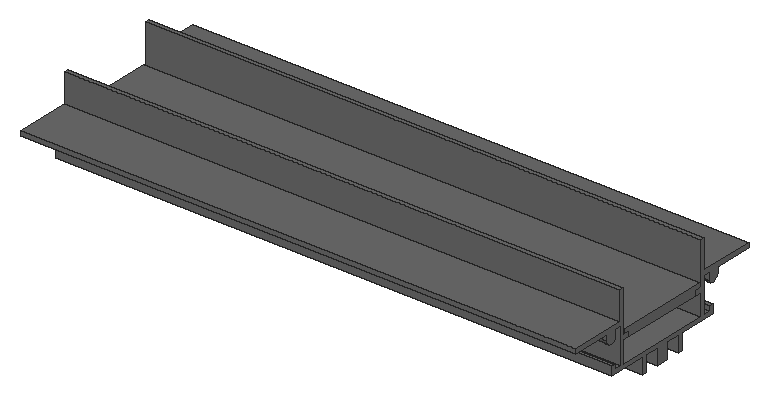
Revit family "ARKOSLIGHT_Black Foster GAP", category Lighting Fixtures, host Face, Revit 2019
Family settings
  Host = Face
  Round Connector Dimension = Use Diameter
  Part Type = Normal
  Cut with Voids When Loaded = No
  Light Source = No
  Shared = No
  Room Calculation Point = No
Parameters (values of type "A3170001N - BLACK FOSTER GAP 250 N")
  URL = "https://www.arkoslight.com/en/product/accbfoster-es/"
  Model = ARKOSLIGHT_Model  # "ACCESSORIES"
  Manufacturer = "ARKOSLIGHT"  # constant formula
  Length = 250 mm
  ARKOSLIGHT_Series = "BLACK FOSTER ACCESSORIES"  # constant formula
  ARKOSLIGHT_Reference = "A3170001N"
  ARKOSLIGHT_Model = "ACCESSORIES"  # constant formula
  ARKOSLIGHT_Color = "Black"
  ARKOSLIGHT_Fixture Type = "ACCESSORIES"  # constant formula
  Default Elevation = 0 mm
  Apparent Load = 4.2 VA
Types (4, lengths in mm): name | Length | ARKOSLIGHT_Reference
  A3170001N - BLACK FOSTER GAP 250 N | 250 | "A3170001N"
  A3170002N - BLACK FOSTER GAP 500 N | 500 | "A3170002N"
  A3170003N - BLACK FOSTER GAP 1000 N | 1000 | "A3170003N"
  A3170004N - BLACK FOSTER GAP 2000 N | 2000 | "A3170004N"
Reference planes
  plane 1 "Center (Front/Back)": y = 0
  plane 2: z = 0
  plane 3 "Center (Left/Right)": x = 0
  plane 4: x = 125
  plane 5: x = -125
  plane 6: y = 22
  plane 7: y = -22
  plane 8: z = 0.3
  plane 9: y = 48.5
  plane 10: y = -48.5
  plane 11: z = -17.475
Forms (mm)
  Extrusion 1, void
    sketch origin (0, 0, 0) x (1, 0, 0) y (0, 1, 0)
      loop
        line (-125, 23.6) -> (-125, -23.632) -> (125, -23.632) -> (125, 23.6) -> (-125, 23.6)
    from 0 to -50
  Extrusion 2, solid, material "ARKOSLIGHT_Black"
    sketch origin (-125, -221.408, 1219.2) x (0, -1, 0) y (0, 0, -1)
      loop
        line (-249.783, 1251.598) -> (-249.783, 1247.709) -> (-248.283, 1247.709) -> (-248.283, 1249.698) -> (-244.783, 1249.698) -> (-244.783, 1233.902) -> (-248.282, 1233.902) -> (-248.282, 1237.742)
        arc (-248.282, 1237.742) -> (-248.397, 1238.154) -> (-248.708, 1238.449) r 0.8
        arc (-248.708, 1238.449) -> (-251.261, 1238.404) -> (-252.583, 1236.219) r 2.64
        line (-252.583, 1236.219) -> (-252.583, 1233.902) -> (-269.908, 1233.902) -> (-269.908, 1231.905) -> (-245.04, 1231.905) -> (-245.04, 1218.9) -> (-243.408, 1218.9) -> (-243.408, 1238.044) -> (-240.423, 1238.044) -> (-240.423, 1240.148) -> (-243.408, 1240.148) -> (-243.408, 1250.098) -> (-199.408, 1250.098) -> (-199.408, 1240.148) -> (-202.392, 1240.148) -> (-202.392, 1238.044) -> (-199.408, 1238.044) -> (-199.408, 1218.9) -> (-197.775, 1218.9) -> (-197.775, 1231.905) -> (-172.908, 1231.905) -> (-172.908, 1233.902) -> (-190.233, 1233.902) -> (-190.233, 1236.219)
        arc (-190.233, 1236.219) -> (-191.554, 1238.404) -> (-194.107, 1238.449) r 2.64
        arc (-194.107, 1238.449) -> (-194.418, 1238.154) -> (-194.533, 1237.742) r 0.8
        line (-194.533, 1237.742) -> (-194.533, 1233.902) -> (-198.033, 1233.902) -> (-198.033, 1249.698) -> (-194.533, 1249.698) -> (-194.533, 1247.709) -> (-193.033, 1247.709) -> (-193.033, 1251.598) -> (-210.733, 1251.598) -> (-210.733, 1258.89) -> (-212.233, 1258.89) -> (-212.233, 1251.598) -> (-218.783, 1251.598) -> (-218.783, 1258.89) -> (-224.283, 1258.89) -> (-224.283, 1251.598) -> (-230.833, 1251.598) -> (-230.833, 1258.89) -> (-232.333, 1258.89) -> (-232.333, 1251.598) -> (-249.783, 1251.598)
    from 0 to 250
  Extrusion 3, solid, material "ARKOSLIGHT_Textured black"
    sketch origin (-125, -221.408, 1219.2) x (0, -1, 0) y (0, 0, -1)
      loop
        line (-200.258, 1235.94) -> (-200.258, 1238.044) -> (-202.392, 1238.044) -> (-202.392, 1240.148) -> (-240.423, 1240.148) -> (-240.423, 1238.044) -> (-242.557, 1238.044) -> (-242.557, 1235.94) -> (-200.258, 1235.94)
    from 0 to 250
Lines and regions (mm)
  Masking region 1
    outline origin (0, 0, 0) x (1, 0, 0) y (0, 1, 0)
      loop
        line (-125, 23.632) -> (-125, -23.632) -> (125, -23.632) -> (125, 23.632) -> (-125, 23.632)
Dimensions and locks
  "Length": plane 5 to plane 4
  equal spacing: plane 6, plane 1 "Center (Front/Back)", plane 7
  locked: plane 6 to plane 7 at 44
  locked: plane 8 to plane 2 at 0.3
  equal spacing: plane 5, plane 3 "Center (Left/Right)", plane 4
  equal spacing: plane 9, plane 1 "Center (Front/Back)", plane 10
  locked: plane 9 to plane 10 at 97
  locked: plane 6 to Extrusion 1 sketch curve at 1.6
  locked: plane 7 to Extrusion 1 sketch curve at 1.632
  locked: plane 7 to Extrusion 2 sketch curve at 1.632
  locked: Extrusion 2 sketch curve to plane 6 at 1.632
  locked: plane 2 to plane 11 at 17.475
  locked: plane 6 to Masking region 1 sketch curve at 1.632
  locked: plane 7 to Masking region 1 sketch curve at 1.632
  aligned and locked: plane 2 to host face
  aligned and locked: level to host face
  aligned and locked: plane 5 to Extrusion 1 sketch curve
  aligned and locked: plane 4 to Extrusion 1 sketch curve
  aligned and locked: plane 10 to Extrusion 2 sketch curve
  aligned and locked: Extrusion 2 sketch curve to plane 9
  aligned and locked: plane 6 to Extrusion 2 sketch curve
  aligned and locked: plane 7 to Extrusion 2 sketch curve
  aligned and locked: plane 8 to Extrusion 2 sketch curve
  aligned and locked: Extrusion 2 to plane 5
  aligned and locked: Extrusion 2 to plane 4
  aligned and locked: Extrusion 3 to plane 5
  aligned and locked: Extrusion 3 to plane 4
  aligned and locked: plane 5 to Masking region 1 sketch curve
  aligned and locked: plane 4 to Masking region 1 sketch curve
Automatic sketch dimensions
  host sketch curve to host sketch curve = 1296.629 mm
  host sketch curve to host sketch curve = 1105.173 mm
  Extrusion 2 sketch curve to plane 8 = 0 mm
  Extrusion 2 sketch curve to Extrusion 2 sketch curve = 7.543 mm
  Extrusion 2 sketch curve to Extrusion 2 sketch curve = 2.638 mm  (x2)
  Extrusion 2 sketch curve to plane 6 = 6.375 mm
  Extrusion 2 sketch curve to Extrusion 2 sketch curve = 0.862 mm  (x2)
  Extrusion 2 sketch curve to Extrusion 2 sketch curve = 1.5 mm  (x5)
  Extrusion 2 sketch curve to Extrusion 2 sketch curve = 1.662 mm
  Extrusion 2 sketch curve to plane 6 = 1.375 mm
  plane 1 "Center (Front/Back)" to Extrusion 2 sketch curve = 10.925 mm
  plane 1 "Center (Front/Back)" to Extrusion 2 sketch curve = 2.875 mm
  Extrusion 2 sketch curve to plane 1 "Center (Front/Back)" = 2.625 mm
  Extrusion 2 sketch curve to Extrusion 2 sketch curve = 6.55 mm
  plane 7 to Extrusion 2 sketch curve = 1.375 mm
  Extrusion 2 sketch curve to Extrusion 2 sketch curve = 3.5 mm  (x2)
  Extrusion 2 sketch curve to Extrusion 2 sketch curve = 0.8 mm
  level to Extrusion 2 sketch curve = 12.705 mm  (x2)
  Extrusion 2 sketch curve to Extrusion 2 sketch curve = 1.997 mm  (x4)
  Extrusion 2 sketch curve to Extrusion 2 sketch curve = 2.214 mm  (x2)
  Extrusion 2 sketch curve to Extrusion 2 sketch curve = 2.317 mm  (x2)
  Extrusion 2 sketch curve to Extrusion 2 sketch curve = 1.626 mm  (x2)
  Extrusion 2 sketch curve to Extrusion 2 sketch curve = 9.261 mm  (x2)
  Extrusion 2 sketch curve to Extrusion 2 sketch curve = 1.989 mm  (x2)
  Extrusion 2 sketch curve to Extrusion 2 sketch curve = 0.4 mm
  Extrusion 2 sketch curve to Extrusion 2 sketch curve = 1.9 mm
  Extrusion 2 sketch curve to Extrusion 2 sketch curve = 0 mm  (x4)
  Extrusion 2 sketch curve to Extrusion 2 sketch curve = 7.292 mm
  plane 6 to Extrusion 3 sketch curve = 0.85 mm
  plane 6 to Extrusion 3 sketch curve = 2.984 mm
  Extrusion 3 sketch curve to plane 7 = 2.984 mm
  Extrusion 3 sketch curve to plane 7 = 0.85 mm
  Extrusion 3 sketch curve to Extrusion 3 sketch curve = 2.104 mm  (x3)
  plane 11 to Extrusion 2 sketch curve = 1.369 mm  (x2)
  Extrusion 2 sketch curve to plane 7 = 2.984 mm
  Extrusion 2 sketch curve to plane 7 = 0 mm
  plane 6 to Extrusion 2 sketch curve = 0 mm
  Extrusion 2 sketch curve to Extrusion 2 sketch curve = 2.984 mm
  Extrusion 2 sketch curve to Extrusion 2 sketch curve = 2.104 mm  (x2)
  plane 11 to Extrusion 3 sketch curve = 3.473 mm
